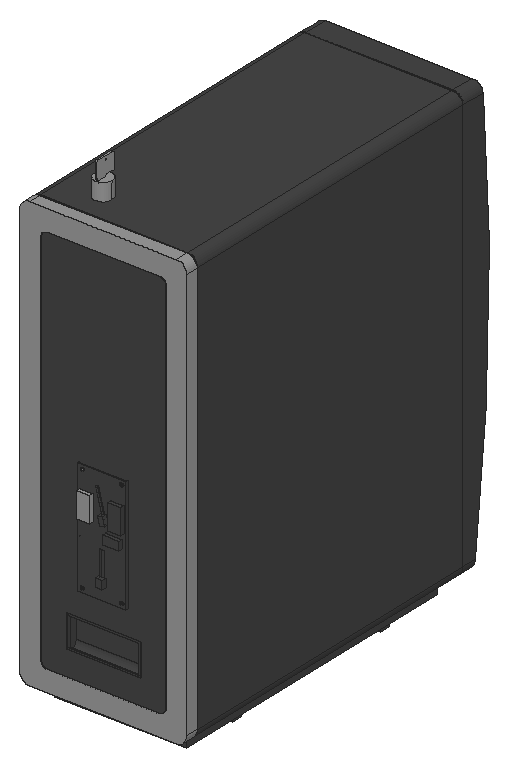
Revit family "Franke_Coin_validator-A200(EU)", category Specialty Equipment, Revit 2015
Parameters (values of type "Coin validator-A200(85-264V/anthracite/EU)")
  URL = "https://www.franke.com/main/en/cs/products/product-search.html"
  Depth (mm) = 452 mm
  Volts min. = 85 V
  Volts max. = 264 V
  Max Overcurrent Protection = "10 A"
  Cycle Alternative = 60 Hz
  Cycle = 50 Hz
  Model = "410896 - Coin validator-A200"
  Watts = 76.8 W
  Cost = 0
  Height (mm) = 544 mm
  Manufacturer = "Franke"
  Energy loss acc. to DIN 18873 = "-"
  Width (mm) = 200 mm
  Description = "payment systems key module - Coin validator"
  Assembly Code = "key module Coin validator (A200)"
  Keynote = "key module Coin validator (A200)"
  Weight = "18 kg"
  Number of Poles = 1
  Number of Protective Conductors = "1"
  Number of Nutral Conductors = "1"
  Frontcover = Franke Anthracite
Types (3, lengths in mm): name | Frontcover
  (no name) | Franke Anthracite
  Coin validator-A200(85-264V/black line/EU) | Franke Black
  Coin validator-A200(85-264V/anthracite/EU) | Franke Anthracite
Reference planes
  plane 1 "Mitte (Vorne/Hinten)": y = 0
  plane 2: z = 0
  plane 3 "Mitte (Links/Rechts)": x = 0
Forms (mm)
  Extrusion 1, solid, material "Franke Black"
    sketch origin (0, 0, -41) x (0, 1, 0) y (0, 0, 1)
      loop
        line (186.97, 65) -> (-188.03, 65) -> (-188.03, 45) -> (186.97, 45) -> (186.97, 65)
    from -79 to 79
  Extrusion 2, solid, material "Franke Black"
    sketch origin (-1000, 0, -41) x (0, 1, 0) y (0, 0, 1)
      loop
        line (199.53, 585) -> (199.53, 65) -> (216.03, 65)
        arc (216.03, 65) -> (224.982, 150.997) -> (233.478, 237.039) r 16328.175
        arc (233.478, 237.039) -> (233.864, 241.879) -> (234.093, 246.728) r 150
        arc (234.093, 246.728) -> (236.227, 326.074) -> (237.701, 405.435) r 9548.581
        arc (237.701, 405.435) -> (237.699, 406.999) -> (237.648, 408.563) r 50
        arc (237.648, 408.563) -> (233.118, 496.797) -> (228.03, 585) r 14002.549
        line (228.03, 585) -> (199.53, 585)
    from 900 to 1100
  Extrusion 3, void
    sketch origin (-1000, 0, -41) x (1, 0, 0) y (0, 0, 1)
      loop
        arc (1088, 585) -> (1096.485, 581.485) -> (1100, 573) r 12
        line (1100, 573) -> (1110, 573) -> (1110, 595) -> (1088, 595) -> (1088, 585)
      loop
        line (1088, 65) -> (1088, 55) -> (1110, 55) -> (1110, 77) -> (1100, 77)
        arc (1100, 77) -> (1096.485, 68.515) -> (1088, 65) r 12
      loop
        line (912, 585) -> (912, 595) -> (890, 595) -> (890, 573) -> (900, 573)
        arc (900, 573) -> (903.515, 581.485) -> (912, 585) r 12
      loop
        arc (912, 65) -> (903.515, 68.515) -> (900, 77) r 12
        line (900, 77) -> (890, 77) -> (890, 55) -> (912, 55) -> (912, 65)
    from -305.226 to 299.817
  Extrusion 4, solid
    sketch origin (0, 397.56, -41) x (1, 0, 0) y (0, 0, 1)
      loop
        line (-85, 65) -> (85, 65) -> (85, 575) -> (-85, 575) -> (-85, 65)
    from 198.03 to 199.53
  Extrusion 5, solid
    sketch origin (0, 0, -41) x (1, 0, 0) y (0, 0, 1)
      loop
        line (-85, 65) -> (85, 65) -> (85, 575) -> (-85, 575) -> (-85, 65)
    from 198.03 to 199.53
  Extrusion 6, solid, material "Franke Black"
    sketch origin (0, 0, -41) x (1, 0, 0) y (0, 0, 1)
      loop
        line (88, 585) -> (-88, 585)
        arc (-88, 585) -> (-96.485, 581.485) -> (-100, 573) r 12
        line (-100, 573) -> (-100, 77)
        arc (-100, 77) -> (-96.485, 68.515) -> (-88, 65) r 12
        line (-88, 65) -> (88, 65)
        arc (88, 65) -> (96.485, 68.515) -> (100, 77) r 12
        line (100, 77) -> (100, 573)
        arc (100, 573) -> (96.485, 581.485) -> (88, 585) r 12
    from -198.03 to 198.03
  Extrusion 7, solid, material "Franke Chrome"
    sketch origin (0, 0, -41) x (1, 0, 0) y (0, 1, 0)
      loop
        circle (-42, -162.53) r 11
    from 585 to 605
  Extrusion 8, solid, material "Franke Anthracite" <- "Frontcover"
    sketch origin (0, 0, -41) x (1, 0, 0) y (0, 0, 1)
      loop
        line (88, 585) -> (-88, 585)
        arc (-88, 585) -> (-96.485, 581.485) -> (-100, 573) r 12
        line (-100, 573) -> (-100, 77)
        arc (-100, 77) -> (-96.485, 68.515) -> (-88, 65) r 12
        line (-88, 65) -> (88, 65)
        arc (88, 65) -> (96.485, 68.515) -> (100, 77) r 12
        line (100, 77) -> (100, 573)
        arc (100, 573) -> (96.485, 581.485) -> (88, 585) r 12
      loop
        arc (67, 90) -> (72.657, 92.343) -> (75, 98) r 8
        line (75, 98) -> (75, 552)
        arc (75, 552) -> (72.657, 557.657) -> (67, 560) r 8
        line (67, 560) -> (-67, 560)
        arc (-67, 560) -> (-72.657, 557.657) -> (-75, 552) r 8
        line (-75, 552) -> (-75, 98)
        arc (-75, 98) -> (-72.657, 92.343) -> (-67, 90) r 8
        line (-67, 90) -> (67, 90)
    from 199.53 to 214.53
  Extrusion 9, solid, material "Franke Black"
    sketch origin (0, 0, -41) x (1, 0, 0) y (0, 0, 1)
      loop
        arc (-67, 560) -> (-72.657, 557.657) -> (-75, 552) r 8
        line (-75, 552) -> (-75, 98)
        arc (-75, 98) -> (-72.657, 92.343) -> (-67, 90) r 8
        line (-67, 90) -> (67, 90)
        arc (67, 90) -> (72.657, 92.343) -> (75, 98) r 8
        line (75, 98) -> (75, 552)
        arc (75, 552) -> (72.657, 557.657) -> (67, 560) r 8
        line (67, 560) -> (-67, 560)
    from 199.53 to 214.53
  Extrusion 10, solid
    sketch origin (0, 0, -41) x (1, 0, 0) y (0, 0, 1)
      loop
        line (-85, 65) -> (85, 65) -> (85, 575) -> (-85, 575) -> (-85, 65)
    from 198.03 to 199.53
  Extrusion 11, solid, material "Franke Chrome"
    sketch origin (0, 0, -1.5) x (0, 1, 0) y (0, 0, 1)
      loop
        arc (-172.53, 569.367) -> (-172.178, 568.234) -> (-171.247, 567.5) r 2
        line (-171.247, 567.5) -> (-171.247, 565.5) -> (-160.53, 565.5) -> (-160.53, 566.541)
        arc (-160.53, 566.541) -> (-160.249, 567.219) -> (-159.571, 567.5) r 0.959
        line (-159.571, 567.5) -> (-149.53, 567.5)
        arc (-149.53, 567.5) -> (-148.116, 568.086) -> (-147.53, 569.5) r 2
        line (-147.53, 569.5) -> (-147.53, 585.5)
        arc (-147.53, 585.5) -> (-148.116, 586.914) -> (-149.53, 587.5) r 2
        line (-149.53, 587.5) -> (-170.53, 587.5)
        arc (-170.53, 587.5) -> (-171.944, 586.914) -> (-172.53, 585.5) r 2
        line (-172.53, 585.5) -> (-172.53, 569.367)
      loop
        circle (-160.03, 583.965) r 2
    from -43 to -41
  Extrusion 12, solid, material "Franke Black"
    sketch origin (0, 0, -21) x (1, 0, 0) y (0, 0, 1)
      loop
        line (-44.5, 139) -> (-44.5, 100) -> (44.5, 100) -> (44.5, 139) -> (-44.5, 139)
      loop
        line (-42.5, 137) -> (-42.5, 102) -> (42.5, 102) -> (42.5, 137) -> (-42.5, 137)
    from 212.53 to 214.53
  Extrusion 13, void
    sketch origin (0, 0, -21) x (0, 1, 0) y (0, 0, 1)
      loop
        line (-231.966, 139) -> (-231.966, 100) -> (-212.53, 100) -> (-212.53, 95) -> (-210.53, 95)
        arc (-210.53, 95) -> (-203.459, 97.929) -> (-200.53, 105) r 10
        line (-200.53, 105) -> (-200.53, 144) -> (-212.53, 144) -> (-212.53, 139) -> (-231.966, 139)
    from -44.5 to 44.5
  Extrusion 14, solid, material "Franke Black"
    sketch origin (0, 0, 0) x (1, 0, 0) y (0, 0, 1)
      loop
        line (29, 285.082) -> (-29, 285.082) -> (-29, 148) -> (29, 148) -> (29, 285.082)
      loop
        circle (-23.594, 280.3) r 2
      loop
        circle (-23.594, 152.782) r 2
      loop
        circle (23.594, 280.3) r 2
      loop
        circle (23.594, 152.782) r 2
      loop
        line (-27, 207.541) -> (27, 207.541) -> (27, 208.541) -> (-27, 208.541) -> (-27, 207.541)
      loop
        line (-27, 225.541) -> (-27, 224.541) -> (27, 224.541) -> (27, 225.541) -> (-27, 225.541)
      loop
        line (24, 221.541) -> (5, 221.541) -> (5, 211.541) -> (24, 211.541) -> (24, 221.541)
      loop
        line (3, 202.541) -> (-3, 202.541) -> (-3, 162.541) -> (3, 162.541) -> (3, 202.541)
      loop
        line (-26, 228.541) -> (-11, 228.541) -> (-11, 258.541) -> (-26, 258.541) -> (-26, 228.541)
      loop
        line (26, 228.541) -> (26, 258.541) -> (11, 258.541) -> (11, 228.541) -> (26, 228.541)
      loop
        line (-4.245, 270.213) -> (-8.108, 269.178) -> (2.245, 230.541) -> (6.108, 231.576) -> (-4.245, 270.213)
    from 214.53 to 216.53
  Extrusion 15, solid, material "Franke Black"
    sketch origin (0, 0, 0) x (1, 0, 0) y (0, 0, 1)
      loop
        line (4, 162.541) -> (4, 172.541) -> (-4, 172.541) -> (-4, 162.541) -> (4, 162.541)
    from 216.53 to 221.53
  Extrusion 16, solid, material "Franke Plastic green"
    sketch origin (0, 0, 0) x (1, 0, 0) y (0, 0, 1)
      loop
        line (-26, 258.541) -> (-26, 228.541) -> (-11, 228.541) -> (-11, 258.541) -> (-26, 258.541)
    from 214.53 to 221.53
  Extrusion 17, solid, material "Franke Black"
    sketch origin (0, 0, 0) x (1, 0, 0) y (0, 0, 1)
      loop
        line (11, 258.541) -> (11, 228.541) -> (26, 228.541) -> (26, 258.541) -> (11, 258.541)
    from 214.53 to 221.53
  Extrusion 18, solid, material "Franke Black"
    sketch origin (0, 0, 0) x (1, 0, 0) y (0, 0, 1)
      loop
        line (5, 221.541) -> (5, 211.541) -> (24, 211.541) -> (24, 221.541) -> (5, 221.541)
    from 214.53 to 221.53
  Extrusion 19, solid, material "Franke Stainless Steel"
    sketch origin (0, 0, 0) x (1, 0, 0) y (0, 0, 1)
      loop
        circle (23.594, 280.3) r 2
      loop
        circle (-23.594, 280.3) r 2
      loop
        circle (23.594, 152.782) r 2
      loop
        circle (-23.594, 152.782) r 2
    from 214.53 to 216.53
  Extrusion 20, solid, material "Franke Black"
    sketch origin (46.245, 0, 74.056) x (0.965926, 0, 0.258819) y (-0.258819, 0, 0.965926)
      loop
        line (3, 162.541) -> (3, 172.541) -> (-3, 172.541) -> (-3, 162.541) -> (3, 162.541)
    from 216.53 to 221.53
  Extrusion 21, solid, material "Franke Chrome"
    sketch origin (0, 0, 0) x (1, 0, 0) y (0, 1, 0)
      loop
        circle (0, 156.641) r 2.5
    from 0 to 4
  Extrusion 22, void
    sketch origin (-35.869, -27.22, -41) x (1, 0, 0) y (0, 1, 0)
      loop
        circle (-21.631, -111.61) r 16
      loop
        circle (-21.631, 165.89) r 16
      loop
        circle (93.369, -111.61) r 16
      loop
        circle (93.369, 165.89) r 16
    from 41 to 50
  Extrusion 23, solid, material "Franke Black"
    sketch origin (0, 0, 0) x (1, 0, 0) y (0, 1, 0)
      loop
        line (63, -104.63) -> (63, -116.63) -> (77, -116.63) -> (77, -104.63) -> (63, -104.63)
      loop
        line (63, 116.47) -> (63, 104.47) -> (77, 104.47) -> (77, 116.47) -> (63, 116.47)
      loop
        line (-63, -104.63) -> (-77, -104.63) -> (-77, -116.63) -> (-63, -116.63) -> (-63, -104.63)
      loop
        line (-63, 116.47) -> (-77, 116.47) -> (-77, 104.47) -> (-63, 104.47) -> (-63, 116.47)
    from 0 to 4
Cuts and joins
  Extrusion 3 cuts Extrusion 8
  Extrusion 3 cuts Extrusion 2
  Extrusion 13 cuts Extrusion 9
  Extrusion 22 cuts Extrusion 1
Dimensions and locks
  aligned and locked: level to plane 2
Connectors
  electrical at (0, 156.641, 0), driven by "Volts max.", driven by "Number of Poles"
    settings: on Extrusion 21, index 1, voltage 264 V, apparent load 0 VA, apparent load phase1 0 VA, apparent load phase2 0 VA, apparent load phase3 0 VA, power factor 1, load classification "Strom", number of poles 1, system type 31, power factor state 1, is connector primary yes, connector utility no, sub classification motor no, connector description ""
